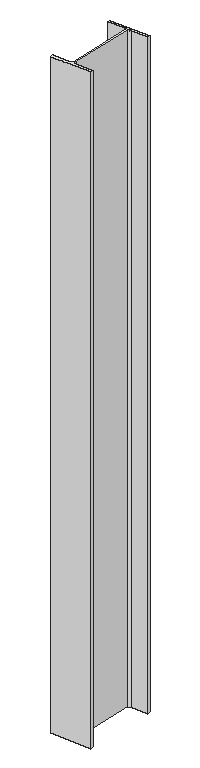
Revit family
Parameters (values of type "305x165x40UB")
  Column Material [instance] = Metal - Steel - 345 MPa
  Assembly Code = ""
  A = 0.00513 m²
  Ix = 8503
  M = 40.3
  Nominal h = "305"
  Zx = 560
  b = 165 mm
  h = 303.4 mm
  r = 8.9 mm
  s = 6 mm
  t = 10.2 mm
Reference planes
  plane 1: y = 0
  plane 2: z = 0
  plane 3: x = 0
  plane 4: x = -82.5
  plane 5: x = 82.5
  plane 6: y = 151.7
  plane 7: y = -151.7
  plane 8: x = -3.969
  plane 9: x = 3.969
Forms (mm)
  Extrusion 1, solid, material "Metal - Steel - 345 MPa" <- "Column Material", detail levels medium
    sketch origin (0, 0, 0) x (1, 0, 0) y (0, 1, 0)
      loop
        line (-82.5, 151.7) -> (-82.5, 141.5) -> (-3, 141.5) -> (-3, -141.5) -> (-82.5, -141.5) -> (-82.5, -151.7) -> (82.5, -151.7) -> (82.5, -141.5) -> (3, -141.5) -> (3, 141.5) -> (82.5, 141.5) -> (82.5, 151.7) -> (-82.5, 151.7)
    from 0 to 2500
  Extrusion 2, solid, material "Metal - Steel - 345 MPa" <- "Column Material", detail levels fine
    sketch origin (0, 0, 0) x (1, 0, 0) y (0, 1, 0)
      loop
        line (-82.5, 151.7) -> (-82.5, 141.5) -> (-11.9, 141.5)
        arc (-11.9, 141.5) -> (-5.607, 138.893) -> (-3, 132.6) r 8.9
        line (-3, 132.6) -> (-3, -132.6)
        arc (-3, -132.6) -> (-5.607, -138.893) -> (-11.9, -141.5) r 8.9
        line (-11.9, -141.5) -> (-82.5, -141.5) -> (-82.5, -151.7) -> (82.5, -151.7) -> (82.5, -141.5) -> (11.9, -141.5)
        arc (11.9, -141.5) -> (5.607, -138.893) -> (3, -132.6) r 8.9
        line (3, -132.6) -> (3, 132.6)
        arc (3, 132.6) -> (5.607, 138.893) -> (11.9, 141.5) r 8.9
        line (11.9, 141.5) -> (82.5, 141.5) -> (82.5, 151.7) -> (-82.5, 151.7)
    from 0 to 2500
Lines and regions (mm)
  symbolic lines, style "StructuralColumnStickSymbols", detail levels coarse
    curve 1: line (-82.5, 151.7, 0) -> (82.5, 151.7, 0)
    curve 2: line (-82.5, -151.7, 0) -> (82.5, -151.7, 0)
    curve 3: line (0, 151.7, 0) -> (0, -151.7, 0)
  symbolic lines, style "Hidden Faces", detail levels medium+fine
    curve 4: line (-3.969, 0, 0) -> (-3.969, 0, 2500)
    curve 5: line (3.969, 0, 2500) -> (3.969, 0, 0)
Dimensions and locks
  equal spacing: plane 4, plane 3, plane 5
  equal spacing: plane 7, plane 1, plane 6
  "h": plane 7 to plane 6
  "b": plane 4 to plane 5
  "t": plane 7 to Extrusion 1 sketch curve
  "t": Extrusion 1 sketch curve to plane 6
  equal spacing: Extrusion 1 sketch curve, plane 3, Extrusion 1 sketch curve
  "s": Extrusion 1 sketch curve to Extrusion 1 sketch curve
  "r": radius of Extrusion 2 sketch curve  (x4)
  aligned and locked: plane 6 to Extrusion 1 sketch curve
  aligned and locked: Extrusion 1 sketch curve to plane 7
  aligned and locked: Extrusion 1 sketch curve to plane 4  (x2)
  aligned and locked: plane 5 to Extrusion 1 sketch curve  (x2)
  aligned and locked: Extrusion 1 sketch curve to Extrusion 1 sketch curve  (x2)
  aligned and locked: level to Extrusion 1
  aligned and locked: level to plane 2
  aligned and locked: Extrusion 1 to plane 2
  aligned and locked: plane 6 to Extrusion 2 sketch curve
  aligned and locked: plane 5 to Extrusion 2 sketch curve  (x2)
  aligned and locked: Extrusion 2 sketch curve to plane 4  (x2)
  aligned and locked: Extrusion 2 sketch curve to Extrusion 1  (x6)
  aligned and locked: Extrusion 2 sketch curve to plane 7
  aligned and locked: level to Extrusion 2
  aligned and locked: Extrusion 2 to level
Automatic sketch dimensions
  curve 2 to plane 4 = 0 mm
  curve 1 to plane 4 = 0 mm
  curve 3 to plane 3 = 0 mm
  curve 2 to plane 5 = 0 mm
  curve 1 to plane 5 = 0 mm
  curve 3 to plane 7 = 0 mm
  curve 3 to plane 6 = 0 mm
  curve 4 to level = 0 mm  (x2)
  curve 4 to plane 8 = 0 mm
  curve 5 to level = 0 mm  (x2)
  curve 5 to plane 9 = 0 mm
